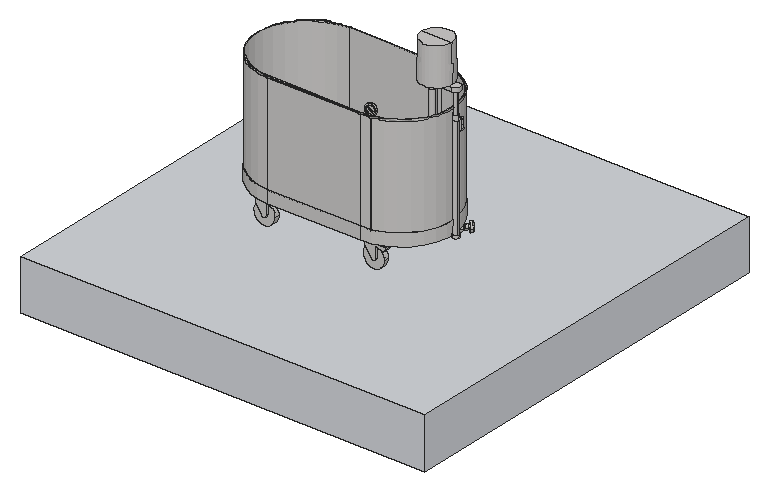
Revit family
Parameters (values of type "S-90-M")
  Waste Connection = yes
  WFU = 4
  Voltage = 115
  Vent Connection = no
  URL = "http://www.whitehallmfg.com/"
  Type Comments = ""
  Tempered Water Connection = yes
  Creation Date = "09/16/2015"  # constant formula
  Phone# = "626-336-4561"
  Model = "S-90-M"
  Material = Stainless-Whitehall-Type 304-Steel
  Manufacturer = "Whitehall Manufacturing"
  Hertz = 60
  HWFU = 3
  HW Connection = yes
  Designed By = "Allied Technical Services"  # constant formula
  Description = "S Series 90 Gallon Mobile Whirlpool S-90-M"
  Default Elevation = 33"
  CWFU = 2
  CW Connection = yes
  Assembly Code = "D2010510"
  Amperage = 8
  -WLS - Water Level Sensor = no
  -TTS2 - Tank Top Seat = no
  -SDP - Seperate Drain Pump = no
  -S Sports Series = yes
  -RHG - Rubber Hand Grips = no
  -PHS2 - Patient Handling System (Chair Type) = no
  -PCS - Pump Cover Strainer = no
  -M Mobile Whirlpool = yes
  -GFI - Ground Fault Interrupter = no
  -EG Enviro Glaze Color Powder Coating (Specify Color) = no
  -CTS2 Combination Table with Side Seats = no
  -AS2 Adjustable Suspension Seat = no
  -ARS Arm Rest Support = no
  -AHC2 Adjustable High Chair with Rubber Tips = no
  -AHC1 Adjustable High Chair with Casters = no
  -ADH Auxiliary Drain Hose Assembly = no
  -90 Gallon Capacity = yes
  -60 Hz Turbine Assembly = no
  -50 Hz Turbine Assembly = no
Reference planes (in)
  plane 1 "Center (Front/Back)": y = 14
  plane 2: z = 0
  plane 3 "Center (Left/Right)": x = 22
  plane 4: x = 16
  plane 5: z = 31
  plane 6: x = -30
  plane 7: y = 12
  plane 8: y = -12
  plane 9: x = 16
  plane 10: z = 52.25
  plane 11: y = 0
  plane 12: x = 17
  plane 13: y = -7
  plane 14: z = 33
  plane 15: z = 8
  plane 16: x = -20
  plane 17: x = 6
  plane 18: x = 8
  plane 19: y = 0
  plane 20: y = 10
Forms (in)
  Extrusion 1, solid
    sketch origin (0, 0, 0) x (1, 0, 0) y (0, 1, 0)
      loop
        line (-48, 48) -> (-48, -48) -> (48, -48) -> (48, 48) -> (-48, 48)
    from 0 to -12
  Sweep 2, solid, material "Stainless-Whitehall-Type 304-Steel" <- "Material"
    path origin (0, 0, 0) x (1, 0, 0) y (0, 1, 0)
      loop
        line (4.0102946, 12) -> (-18, 12)
        arc (-18, 12) -> (-30, 0) -> (-18, -12) r 12
        line (-18, -12) -> (4.0102946, -12)
        arc (4.0102946, -12) -> (16.0102946, 0) -> (4.0102946, 12) r 12
    profile origin (16.0102946, 0, 0) x (1, 0, 0) y (0, 0, 1)
      loop
        line (0.1, 6) -> (0.1, 9) -> (-0.0102946, 9) -> (-0.0102946, 32.75)
        arc (-0.0102946, 32.75) -> (0.1147054, 32.875) -> (-0.0102946, 33) r 0.125
        line (-0.0102946, 33) -> (-0.1205892, 33) -> (-0.1205892, 6) -> (0.1, 6)
  Extrusion 3, solid, material "Stainless-Whitehall-Type 304-Steel" <- "Material"
    sketch origin (10, -70.8466242, 7.5385915) x (0, 1, 0) y (-1, 0, 0)
      loop
        circle (70.845525, 0) r 1.25
    from 0.2278129 to 0.2607941
  Revolve 4, solid, material "Stainless-Whitehall-Type 304-Steel" <- "Material"
    sketch origin (-19.4069762, 0, 7) x (-1, 0, 0) y (0, 0, 1)
      loop
        line (-30.9536457, 8.9711935) -> (-30.9536457, 31.109375) -> (-31.8286457, 31.109375) -> (-31.8286457, 28.9711935) -> (-31.6411457, 28.9711935) -> (-31.6411457, 8.9711935) -> (-30.9536457, 8.9711935)
      axis (-30.9536457, 8.9711935) -> (-30.9536457, 31.109375)
    angle from 0 to 360
  Revolve 5, solid, material "Stainless-Whitehall-Type 304-Steel" <- "Material"
    sketch origin (-18.5163512, 0, 7) x (-1, 0, 0) y (0, 0, 1)
      loop
        line (-30.9536457, 31.109375) -> (-27.2036457, 31.109375) -> (-27.3806457, 39.859375) -> (-30.9536457, 39.859375) -> (-30.9536457, 31.109375)
      axis (-30.9536457, 31.109375) -> (-30.9536457, 39.859375)
    angle from 0 to 360
  Blend 6, solid, material "Stainless-Whitehall-Type 304-Steel" <- "Material"
    base sketch origin (-19.7663512, 0, 7) x (-1, 0, 0) y (0, -1, 0)
      loop
        circle (-30.9536457, 0) r 0.875
    top sketch origin (-19.7663512, 0, 7) x (-1, 0, 0) y (0, -1, 0)
      loop
        circle (-32.2036457, 0) r 3.573
    from 29.8138137 to 31.109375
  Extrusion 7, solid, material "Stainless-Whitehall-Type 304-Steel" <- "Material"
    sketch origin (-19.7663512, 0, 7) x (-1, 0, 0) y (0, -1, 0)
      loop
        line (-36.6500311, -1.11632) -> (-33.2280323, -1.11632)
        arc (-33.2280323, -1.11632) -> (-32.1117123, 0) -> (-33.2280323, 1.11632) r 1.11632
        line (-33.2280323, 1.11632) -> (-36.6500311, 1.11632)
        arc (-36.6500311, 1.11632) -> (-37.7663512, 0) -> (-36.6500311, -1.11632) r 1.11632
    from 31.109375 to 30.2822276
  Extrusion 8, solid, material "Stainless-Whitehall-Type 304-Steel" <- "Material"
    sketch origin (0, 0, 2) x (1, 0, 0) y (0, 1, 0)
      loop
        line (-18, -11.875) -> (4.0102946, -11.875)
        arc (4.0102946, -11.875) -> (15.8852946, 0) -> (4.0102946, 11.875) r 11.875
        line (4.0102946, 11.875) -> (-18, 11.875)
        arc (-18, 11.875) -> (-29.875, 0) -> (-18, -11.875) r 11.875
      loop
        circle (9.9997946, 0) r 0.75
    from 4.75 to 6
  Extrusion 9, void
    sketch origin (-0.75, 0, 3.2993857) x (1, 0, 0) y (0, 1, 0)
      loop
        circle (10.75, 0) r 0.1054415
      loop
        circle (10.625, 0.2165064) r 0.1054415
      loop
        circle (10.875, 0.2165064) r 0.1054415
      loop
        circle (10.875, -0.2165064) r 0.1054415
      loop
        circle (11, 0) r 0.1054415
      loop
        circle (10.625, -0.2165064) r 0.1054415
      loop
        circle (10.5, 0) r 0.1054415
      loop
        circle (10.75, 0.4609303) r 0.1054415
      loop
        circle (11, 0.4330127) r 0.1054415
      loop
        circle (11.125, 0.2165064) r 0.1054415
      loop
        circle (10.5, 0.4330127) r 0.1054415
      loop
        circle (10.375, 0.2165064) r 0.1054415
      loop
        circle (10.75, -0.4609303) r 0.1054415
      loop
        circle (11, -0.4330127) r 0.1054415
      loop
        circle (11.125, -0.2165064) r 0.1054415
      loop
        circle (10.5, -0.4330127) r 0.1054415
      loop
        circle (10.375, -0.2165064) r 0.1054415
      loop
        circle (10.25, 0) r 0.1054415
      loop
        circle (11.25, 0) r 0.1054415
    from 4.4670187 to 4.5
  Extrusion 10, solid, material "Stainless-Whitehall-Type 304-Steel" <- "Material"
    sketch origin (-60.7031774, 41.4868064, 13.496087) x (1, 0, 0) y (0, 0, -1)
      loop
        circle (40.7031774, 10.996087) r 2.5
    from -31.9868064 to -30.9868064
  Extrusion 11, solid, material "Stainless-Whitehall-Type 304-Steel" <- "Material"
    sketch origin (20.7033983, 9.7747044, 13.496087) x (-1, 0, 0) y (0, 0, 1)
      loop
        arc (40.053103, -10.996087) -> (40.4845734, -11.6083034) -> (41.2062295, -11.4078336) r 0.6500744
        line (41.2062295, -11.4078336) -> (42.7352648, -9.2241449) -> (42.7352648, -7.996087) -> (42.4852648, -7.996087) -> (42.4852648, -7.496087) -> (42.7352648, -7.496087) -> (42.7352648, -6.746087) -> (40.053103, -6.746087) -> (40.053103, -7.496087) -> (40.303103, -7.496087) -> (40.303103, -7.996087) -> (40.053103, -7.996087) -> (40.053103, -10.996087)
    from -0.5001024 to 0.9506936
  Extrusion 12, solid, material "Stainless-Whitehall-Type 304-Steel" <- "Material"
    sketch origin (-34.7031774, 41.4868064, 13.496087) x (1, 0, 0) y (0, 0, -1)
      loop
        circle (40.7031774, 10.996087) r 2.5
    from -31.9868064 to -30.9868064
  Revolve 13, solid, material "Stainless-Whitehall-Type 304-Steel" <- "Material"
    sketch origin (60.1142695, -50.1142695, 5.1833) x (-0.707107, 0.707107, 0) y (-0.707107, -0.707107, 0)
      loop
        line (70.8722796, -8.8598887) -> (70.8722796, -1.3809302) -> (70.0408814, -1.3809302) -> (70.0408814, -1.7395214) -> (70.2908814, -1.7395214) -> (70.2908814, -4.7113948) -> (70.0408814, -4.7113948) -> (70.0408814, -5.1036586) -> (70.224645, -5.1036586)
        arc (70.224645, -5.1036586) -> (70.0233886, -5.6628154) -> (70.224645, -6.2219722) r 0.8773893
        line (70.224645, -6.2219722) -> (70.0408814, -6.2219722) -> (70.0408814, -6.6242941) -> (70.224645, -6.6242941) -> (70.224645, -6.965393) -> (70.474645, -6.965393) -> (70.474645, -7.215393) -> (70.2908814, -7.215393) -> (70.2908814, -7.6467103) -> (70.6231895, -7.6467103) -> (70.6231895, -8.7237695)
        arc (70.6231895, -8.7237695) -> (70.2571643, -8.6663768) -> (69.901943, -8.5610854) r 2.7955759
        line (69.901943, -8.5610854) -> (69.901943, -8.1467103) -> (69.776943, -8.1467103) -> (69.776943, -8.6467103)
        arc (69.776943, -8.6467103) -> (70.3143354, -8.8060988) -> (70.8722796, -8.8598887) r 2.9205759
      axis (70.8722796, -1.3809302) -> (70.8722796, -8.8598887)
    angle from 0 to 360
  Extrusion 14, solid, material "Stainless-Whitehall-Type 304-Steel" <- "Material"
    sketch origin (60.1142695, -50.1142695, 5.1833) x (-0.707107, 0.707107, 0) y (0, 0, 1)
      loop
        line (72.9499706, 1.5667) -> (71.6160808, 1.5667) -> (71.3854535, -0.0989925)
        arc (71.3854535, -0.0989925) -> (70.8722796, -0.5460092) -> (70.3591057, -0.0989925) r 0.5180694
        line (70.3591057, -0.0989925) -> (70.1161562, 1.5667) -> (68.7945887, 1.5667) -> (68.7945887, 1.3167) -> (70.0370774, 1.3167) -> (70.2363685, -0.1226688)
        arc (70.2363685, -0.1226688) -> (70.8722796, -0.6765998) -> (71.5081908, -0.1226688) r 0.6419776
        line (71.5081908, -0.1226688) -> (71.7074819, 1.3167) -> (72.9499706, 1.3167) -> (72.9499706, 1.5667)
    from 2.5755089 to 3.5755089
  Revolve 15, solid, material "Stainless-Whitehall-Type 304-Steel" <- "Material"
    sketch origin (9.989376, 0.0131744, 5.1833) x (-0.707107, -0.707107, 0) y (0, 0, 1)
      loop
        line (-6.0378154, 0) -> (-6.1628154, 0) -> (-6.1628154, -1.1875) -> (-6.0846904, -1.1875) -> (-6.0846904, -1.4375) -> (-6.0378154, -1.4375) -> (-6.0378154, 0)
      axis (-5.6628154, 0) -> (-5.6628154, -1.4375)
    angle from 0 to 360
  Sweep 16, solid, material "Stainless-Whitehall-Type 304-Steel" <- "Material"
    path origin (60.1142695, -50.1142695, 5.1833) x (-0.707107, -0.707107, 0) y (0, 0, 1)
      loop
        line (0, 1.5694537) -> (0, 0.8397244)
        arc (0, 0.8397244) -> (-0.2459496, 0.2459496) -> (-0.8397244, 0) r 0.8397244
        line (-0.8397244, 0) -> (-1.3809302, 0)
    profile origin (61.0907346, -49.1378044, 5.1833) x (0, 0, -1) y (-0.707107, 0.707107, 0)
      loop
        circle (0, 70.8722796) r 0.8320313
  Revolve 17, void
    sketch origin (-0.748959, 0.0122673, 2) x (1, 0, 0) y (0, 0, 1)
      loop
        line (10.75, 4.8755507) -> (11.65625, 4.8755507) -> (11.65625, 5.6251113) -> (12.6862483, 6) -> (10.75, 6) -> (10.75, 4.8755507)
      axis (10.75, 6) -> (10.75, 4.8755507)
    angle from 0 to 360
  Extrusion 18, solid, material "Stainless-Whitehall-Type 304-Steel" <- "Material"
    sketch origin (2.1493027, -22.9343778, 1.9419612) x (1, 0, 0) y (0, 1, 0)
      loop
        circle (3.8506973, 11.4616312) r 0.0625
    from 6.3649998 to 31.1085092
  Extrusion 19, solid, material "Stainless-Whitehall-Type 304-Steel" <- "Material"
    sketch origin (1.0737277, 0.6355033, 2.25) x (0.996195, 0.087156, 0) y (0, 0, 1)
      loop
        circle (3.8510768, 32) r 1.25
      loop
        circle (3.8510768, 32) r 1
    from 12.3353814 to 12.6825799
  Extrusion 20, solid, material "Stainless-Whitehall-Type 304-Steel" <- "Material"
    sketch origin (1.0737277, 0.6355033, 2.1919612) x (0.996195, 0.087156, 0) y (0, 0, 1)
      loop
        circle (3.8510768, 32.0580388) r 1
    from 12.3353814 to 12.6126371
  Extrusion 21, solid, material "Stainless-Whitehall-Type 304-Steel" <- "Material"
    sketch origin (-6.4862061, 16.6811699, 59.5386958) x (-0.996195, -0.087156, 0) y (0, 0, -1)
      loop
        line (-10.3703162, 25.6696282) -> (-10.4419433, 25.5673341) -> (-10.0882444, 25.3512348)
        arc (-10.0882444, 25.3512348) -> (-10.0525608, 25.2565114) -> (-9.9515871, 25.2494308) r 0.09375
        line (-9.9515871, 25.2494308) -> (-9.3825893, 24.9017904) -> (-9.9038731, 25.3175734)
        arc (-9.9038731, 25.3175734) -> (-9.9450617, 25.410036) -> (-10.0462771, 25.4111703) r 0.09375
        line (-10.0462771, 25.4111703) -> (-10.3703162, 25.6696282)
    from 29.1187674 to 29.3260795
  Extrusion 22, solid, material "Stainless-Whitehall-Type 304-Steel" <- "Material"
    sketch origin (-60.7031774, -41.4868064, 13.496087) x (1, 0, 0) y (0, 0, 1)
      loop
        circle (40.7031774, -10.996087) r 2.5
    from -31.9868064 to -30.9868064
  Extrusion 23, solid, material "Stainless-Whitehall-Type 304-Steel" <- "Material"
    sketch origin (20.7033983, -9.7747044, 13.496087) x (-1, 0, 0) y (0, 0, -1)
      loop
        line (40.053103, 10.996087) -> (40.053103, 7.996087) -> (40.303103, 7.996087) -> (40.303103, 7.496087) -> (40.053103, 7.496087) -> (40.053103, 6.746087) -> (42.7352648, 6.746087) -> (42.7352648, 7.496087) -> (42.4852648, 7.496087) -> (42.4852648, 7.996087) -> (42.7352648, 7.996087) -> (42.7352648, 9.2241449) -> (41.2062295, 11.4078336)
        arc (41.2062295, 11.4078336) -> (40.4845734, 11.6083034) -> (40.053103, 10.996087) r 0.6500744
    from -0.5001024 to 0.9506936
  Extrusion 24, solid, material "Stainless-Whitehall-Type 304-Steel" <- "Material"
    sketch origin (-34.7031774, -41.4868064, 13.496087) x (1, 0, 0) y (0, 0, 1)
      loop
        circle (40.7031774, -10.996087) r 2.5
    from -31.9868064 to -30.9868064
  Extrusion 25, solid, material "Stainless-Whitehall-Type 304-Steel" <- "Material"
    sketch origin (46.7033983, -9.7747044, 13.496087) x (-1, 0, 0) y (0, 0, -1)
      loop
        line (40.053103, 10.996087) -> (40.053103, 8.5821449) -> (38.7033983, 8.9437972) -> (38.2508133, 8.9437972) -> (37.803103, 8.496087) -> (37.803103, 7.996087) -> (40.303103, 7.996087) -> (40.303103, 7.496087) -> (40.053103, 7.496087) -> (40.053103, 6.746087) -> (42.7352648, 6.746087) -> (42.7352648, 7.496087) -> (42.4852648, 7.496087) -> (42.4852648, 7.996087) -> (42.7352648, 7.996087) -> (42.7352648, 9.2241449) -> (41.2062295, 11.4078336)
        arc (41.2062295, 11.4078336) -> (40.4845734, 11.6083034) -> (40.053103, 10.996087) r 0.6500744
    from -0.5001024 to 0.9506936
  Extrusion 26, solid, material "Stainless-Whitehall-Type 304-Steel" <- "Material"
    sketch origin (46.7033983, 9.7747044, 13.496087) x (-1, 0, 0) y (0, 0, 1)
      loop
        arc (40.053103, -10.996087) -> (40.4845734, -11.6083034) -> (41.2062295, -11.4078336) r 0.6500744
        line (41.2062295, -11.4078336) -> (42.7352648, -9.2241449) -> (42.7352648, -7.996087) -> (42.4852648, -7.996087) -> (42.4852648, -7.496087) -> (42.7352648, -7.496087) -> (42.7352648, -6.746087) -> (40.053103, -6.746087) -> (40.053103, -7.496087) -> (40.303103, -7.496087) -> (40.303103, -7.996087) -> (37.803103, -7.996087) -> (37.803103, -8.496087) -> (38.2508133, -8.9437972) -> (38.7033983, -8.9437972) -> (40.053103, -8.5821449) -> (40.053103, -10.996087)
    from -0.5001024 to 0.9506936
  Revolve 27, solid, material "Stainless-Whitehall-Type 304-Steel" <- "Material"
    sketch origin (0, 0, 0) x (1, 0, 0) y (0, 0, 1)
      loop
        line (17, 37.2822276) -> (17, 6.0069237) -> (17.75, 6.0069237) -> (17.75, 6.5069237) -> (17.5, 6.5069237) -> (17.5, 31) -> (17.625, 31) -> (17.625, 32) -> (17.375, 32) -> (17.375, 37.2822276) -> (17, 37.2822276)
      axis (17, 37.2822276) -> (17, 6.0069237)
    angle from 0 to 360
  Extrusion 28, solid, material "Stainless-Whitehall-Type 304-Steel" <- "Material"
    sketch origin (0, 23.8554995, 0) x (1, 0, 0) y (0, 0, 1)
      loop
        line (17, 31.75) -> (17, 31.2595731) -> (17.875, 31.2595731)
        arc (17.875, 31.2595731) -> (18.0517767, 31.1863498) -> (18.125, 31.0095731) r 0.25
        line (18.125, 31.0095731) -> (18.125, 30.3331609)
        arc (18.125, 30.3331609) -> (18.1027331, 29.9099894) -> (18.0361785, 29.4914915) r 4.0322249
        arc (18.0361785, 29.4914915) -> (18.3125, 29.1499688) -> (18.5888215, 29.4914915) r 0.2825454
        arc (18.5888215, 29.4914915) -> (18.5222669, 29.9099894) -> (18.5, 30.3331609) r 4.0322249
        line (18.5, 30.3331609) -> (18.5, 31.5)
        arc (18.5, 31.5) -> (18.4267767, 31.6767767) -> (18.25, 31.75) r 0.25
        line (18.25, 31.75) -> (17, 31.75)
    from 23.6054995 to 24.1054995
Cuts and joins
  Revolve 17 cuts Sweep 2
  Revolve 17 cuts Revolve 4
  Revolve 17 cuts Revolve 5
  Revolve 17 cuts Blend 6
  Revolve 17 cuts Extrusion 7
  joined: Sweep 2, Revolve 4, Revolve 5, Blend 6, Extrusion 7, Extrusion 18, Extrusion 19, Extrusion 20, Extrusion 21, Revolve 27, Extrusion 28
  Extrusion 9 cuts Extrusion 3
  Revolve 17 cuts Extrusion 8
  Revolve 17 cuts Extrusion 10
  Revolve 17 cuts Extrusion 11
  Revolve 17 cuts Extrusion 12
  joined: Extrusion 3, Extrusion 8, Extrusion 10, Extrusion 11, Extrusion 12, Extrusion 22, Extrusion 23, Extrusion 24, Extrusion 25, Extrusion 26
  Revolve 17 cuts Revolve 13
  Revolve 17 cuts Extrusion 14
  joined: Revolve 13, Extrusion 14, Revolve 15
  Revolve 17 cuts Sweep 16
Dimensions and locks (in)
  locked: plane 6 to plane 4 at 46
  locked: plane 8 to plane 7 at 24
  locked: plane 11 to plane 7 at 12
  plane 6 to plane 4 = 46"
  "Default Elevation": plane 14 to Extrusion 1
  locked: plane 14 to plane 15 at 25
  aligned and locked: plane 2 to Extrusion 1
  aligned and locked: level to Extrusion 1
Automatic sketch dimensions
  Extrusion 1 sketch curve to Extrusion 1 sketch curve = 96"  (x2)
  plane 8 to Sweep 2 sketch curve = 0"
  plane 11 to Sweep 2 sketch curve = 0"
  plane 16 to Sweep 2 sketch curve = 2"
  plane 17 to Sweep 2 sketch curve = 1.98971"
  profile plane to Sweep 2 sketch curve = 0.12059"
  profile plane to Sweep 2 sketch curve = 0.01029"
  Sweep 2 sketch curve to profile plane = 0.1"
  level to Sweep 2 sketch curve = 6"
  Sweep 2 sketch curve to Sweep 2 sketch curve = 3"
  Sweep 2 sketch curve to Sweep 2 sketch curve = 23 3/4"
  Sweep 2 sketch curve to Sweep 2 sketch curve = 1/8"
  plane 11 to Extrusion 3 sketch curve = 0.0011"
  Extrusion 3 sketch curve to plane 18 = 2"
  plane 4 to Revolve 4 sketch curve = 3.57833"
  plane 4 to Revolve 4 sketch curve = 3.76583"
  Revolve 4 sketch curve to Revolve 4 sketch curve = 7/8"
  Revolve 4 sketch curve to Revolve 4 sketch curve = 0"  (x3)
  Revolve 4 sketch curve to plane 15 = 7.97119"
  plane 14 to Revolve 4 sketch curve = 2.97119"
  Revolve 4 sketch curve to Revolve 4 sketch curve = 2.13818"
  plane 4 to Revolve 5 sketch curve = 3.56271"
  Revolve 5 sketch curve to Revolve 5 sketch curve = 0"  (x3)
  Revolve 5 sketch curve to plane 18 = 0.86429"
  Revolve 5 sketch curve to plane 18 = 0.68729"
  plane 14 to Revolve 5 sketch curve = 5 7/64"
  Revolve 5 sketch curve to plane 10 = 5 25/64"
  Blend 6 sketch curve to Blend 6 sketch curve = 0"  (x4)
  plane 11 to Blend 6 sketch curve = 0"  (x2)
  plane 4 to Blend 6 sketch curve = 3.93771"
  Blend 6 sketch curve to Blend 6 sketch curve = 7/8"
  Blend 6 sketch curve to plane 4 = 0.01029"
  plane 4 to Blend 6 sketch curve = 3.56271"
  plane 11 to Extrusion 7 sketch curve = 0"
  plane 12 to Extrusion 7 sketch curve = 0.11632"
  plane 4 to Extrusion 7 sketch curve = 2.53832"
  Extrusion 7 sketch curve to plane 11 = 1.11632"
  plane 11 to Extrusion 8 sketch curve = 0"  (x2)
  Extrusion 8 sketch curve to plane 8 = 1/8"
  plane 16 to Extrusion 8 sketch curve = 2"
  plane 17 to Extrusion 8 sketch curve = 1.98971"
  Extrusion 8 sketch curve to plane 18 = 1.99979"
  plane 11 to Extrusion 9 sketch curve = 0"  (x5)
  Extrusion 9 sketch curve to plane 18 = 1 1/2"
  Extrusion 9 sketch curve to Extrusion 9 sketch curve = 1/8"  (x14)
  Extrusion 9 sketch curve to Extrusion 9 sketch curve = 1/4"  (x4)
  plane 11 to Extrusion 9 sketch curve = 0.21651"  (x4)
  Extrusion 9 sketch curve to Extrusion 9 sketch curve = 0.21651"  (x4)
  Extrusion 9 sketch curve to Extrusion 9 sketch curve = 0.02792"  (x2)
  Extrusion 9 sketch curve to plane 11 = 0.21651"  (x4)
  Extrusion 10 sketch curve to plane 16 = 0"
  level to Extrusion 10 sketch curve = 2 1/2"
  plane 16 to Extrusion 11 sketch curve = 0.6503"  (x2)
  Extrusion 11 sketch curve to Extrusion 11 sketch curve = 1/4"  (x3)
  plane 16 to Extrusion 11 sketch curve = 0.00022"
  Extrusion 11 sketch curve to plane 16 = 0.50283"
  Extrusion 11 sketch curve to plane 16 = 1.78187"
  level to Extrusion 11 sketch curve = 2.08825"
  Extrusion 11 sketch curve to Extrusion 11 sketch curve = 2.18369"
  plane 15 to Extrusion 11 sketch curve = 2 1/2"
  Extrusion 11 sketch curve to Extrusion 11 sketch curve = 1.22806"
  Extrusion 11 sketch curve to Extrusion 11 sketch curve = 1/2"  (x2)
  Extrusion 11 sketch curve to Extrusion 11 sketch curve = 3/4"
  plane 17 to Extrusion 12 sketch curve = 0"
  level to Extrusion 12 sketch curve = 2 1/2"
  Revolve 13 sketch curve to Revolve 13 sketch curve = 0"  (x4)
  plane 12 to Revolve 13 sketch curve = 0.11133"
  plane 20 to Revolve 13 sketch curve = 4.66037"
  Revolve 13 sketch curve to Revolve 13 sketch curve = 1/8"
  Revolve 13 sketch curve to Revolve 13 sketch curve = 0.13894"
  Revolve 13 sketch curve to Revolve 13 sketch curve = 0.18376"  (x3)
  Revolve 13 sketch curve to Revolve 13 sketch curve = 1/4"  (x4)
  Revolve 13 sketch curve to Revolve 13 sketch curve = 0.38894"
  Revolve 13 sketch curve to Revolve 13 sketch curve = 0.72125"
  Revolve 13 sketch curve to Revolve 13 sketch curve = 0.64763"
  Revolve 13 sketch curve to Revolve 13 sketch curve = 0.5814"
  Revolve 13 sketch curve to Revolve 13 sketch curve = 0.0285"
  Revolve 13 sketch curve to Revolve 13 sketch curve = 0.07706"
  Revolve 13 sketch curve to Revolve 13 sketch curve = 0.13612"
  Revolve 13 sketch curve to Revolve 13 sketch curve = 0.41438"
  Revolve 13 sketch curve to Revolve 13 sketch curve = 1/2"
  Revolve 13 sketch curve to Revolve 13 sketch curve = 0.43132"
  Revolve 13 sketch curve to Revolve 13 sketch curve = 0.3411"
  Revolve 13 sketch curve to Revolve 13 sketch curve = 0.40232"
  Revolve 13 sketch curve to Revolve 13 sketch curve = 0.2765"
  Revolve 13 sketch curve to Revolve 13 sketch curve = 0.39226"
  Revolve 13 sketch curve to Revolve 13 sketch curve = 1.58046"
  Revolve 13 sketch curve to Revolve 13 sketch curve = 1.14141"
  Revolve 13 sketch curve to Revolve 13 sketch curve = 0.35859"
  plane 15 to Extrusion 14 sketch curve = 1 1/4"  (x2)
  plane 15 to Extrusion 14 sketch curve = 1 1/2"  (x2)
  Extrusion 14 sketch curve to Extrusion 14 sketch curve = 1.24249"  (x2)
  Extrusion 14 sketch curve to Extrusion 14 sketch curve = 0.07908"
  Extrusion 14 sketch curve to Extrusion 14 sketch curve = 0.19929"
  plane 15 to Extrusion 14 sketch curve = 2.91569"  (x2)
  Extrusion 14 sketch curve to Extrusion 14 sketch curve = 0.12274"  (x2)
  Extrusion 14 sketch curve to Extrusion 14 sketch curve = 0.51317"
  Extrusion 14 sketch curve to Extrusion 14 sketch curve = 0"
  plane 15 to Extrusion 14 sketch curve = 2.93937"
  Extrusion 14 sketch curve to Extrusion 14 sketch curve = 1.49992"
  Extrusion 14 sketch curve to Extrusion 14 sketch curve = 0.0914"
  Extrusion 14 sketch curve to Extrusion 14 sketch curve = 0.06437"
  Extrusion 14 sketch curve to Extrusion 14 sketch curve = 0.00668"
  plane 15 to Revolve 15 sketch curve = 2.8167"
  Revolve 15 sketch curve to Revolve 15 sketch curve = 5/64"
  Revolve 15 sketch curve to Revolve 15 sketch curve = 1/8"
  Revolve 15 sketch curve to Revolve 15 sketch curve = 3/8"
  Revolve 15 sketch curve to Revolve 15 sketch curve = 1"
  Revolve 15 sketch curve to Revolve 15 sketch curve = 3/16"
  Revolve 15 sketch curve to Revolve 15 sketch curve = 1/4"  (x2)
  plane 15 to Sweep 16 sketch curve = 2.8167"
  Sweep 16 sketch curve to Sweep 16 sketch curve = 0.54121"
  Sweep 16 sketch curve to Sweep 16 sketch curve = 0.83972"
  Sweep 16 sketch curve to Sweep 16 sketch curve = 0.72973"
  profile plane to Sweep 16 sketch curve = 0"
  profile plane to Sweep 16 sketch curve = 70.87228"
  Revolve 17 sketch curve to plane 15 = 0"
  Revolve 17 sketch curve to plane 18 = 2.00104"
  Revolve 17 sketch curve to Revolve 17 sketch curve = 0"
  plane 15 to Revolve 17 sketch curve = 0.37489"
  Revolve 17 sketch curve to Revolve 17 sketch curve = 29/32"
  Revolve 17 sketch curve to Revolve 17 sketch curve = 1.03"
  plane 15 to Revolve 17 sketch curve = 1/2"
  Revolve 17 sketch curve to Revolve 17 sketch curve = 0.74956"
  plane 15 to Revolve 17 sketch curve = 1/4"
  Extrusion 18 sketch curve to plane 17 = 0"
  Extrusion 18 sketch curve to plane 8 = 0.52725"
  Extrusion 19 sketch curve to Extrusion 19 sketch curve = 0"  (x2)
  plane 14 to Extrusion 19 sketch curve = 1 1/4"
  plane 14 to Extrusion 20 sketch curve = 1 1/4"
  Extrusion 21 sketch curve to Extrusion 21 sketch curve = 0"  (x2)
  plane 14 to Extrusion 21 sketch curve = 0.97136"
  plane 14 to Extrusion 21 sketch curve = 0.86907"
  Extrusion 21 sketch curve to Extrusion 21 sketch curve = 0.07163"
  Extrusion 21 sketch curve to Extrusion 21 sketch curve = 0.3537"
  Extrusion 21 sketch curve to Extrusion 21 sketch curve = 0.04197"
  Extrusion 21 sketch curve to Extrusion 21 sketch curve = 0.04972"
  plane 14 to Extrusion 21 sketch curve = 1.28927"
  Extrusion 21 sketch curve to Extrusion 21 sketch curve = 0.04497"
  plane 14 to Extrusion 21 sketch curve = 1.22112"
  Extrusion 21 sketch curve to Extrusion 21 sketch curve = 0.04771"
  plane 14 to Extrusion 21 sketch curve = 1.63691"
  Extrusion 21 sketch curve to Extrusion 21 sketch curve = 0.52128"
  Extrusion 21 sketch curve to Extrusion 21 sketch curve = 0.01412"
  Extrusion 22 sketch curve to plane 16 = 0"
  level to Extrusion 22 sketch curve = 2 1/2"
  plane 16 to Extrusion 23 sketch curve = 0.6503"  (x2)
  Extrusion 23 sketch curve to Extrusion 23 sketch curve = 1/4"  (x3)
  plane 16 to Extrusion 23 sketch curve = 0.00022"
  Extrusion 23 sketch curve to plane 16 = 0.50283"
  Extrusion 23 sketch curve to plane 16 = 1.78187"
  plane 15 to Extrusion 23 sketch curve = 1 1/4"
  Extrusion 23 sketch curve to Extrusion 23 sketch curve = 3/4"  (x2)
  Extrusion 23 sketch curve to Extrusion 23 sketch curve = 1/2"  (x2)
  Extrusion 23 sketch curve to Extrusion 23 sketch curve = 1.22806"
  level to Extrusion 23 sketch curve = 2 1/2"
  plane 17 to Extrusion 24 sketch curve = 0"
  level to Extrusion 24 sketch curve = 2 1/2"
  plane 18 to Extrusion 25 sketch curve = 0"
  Extrusion 25 sketch curve to plane 18 = 0.45258"
  Extrusion 25 sketch curve to plane 18 = 0.9003"
  Extrusion 25 sketch curve to plane 17 = 0.6503"  (x2)
  Extrusion 25 sketch curve to plane 17 = 0.4003"
  Extrusion 25 sketch curve to plane 17 = 0.00022"
  plane 17 to Extrusion 25 sketch curve = 0.50283"
  plane 17 to Extrusion 25 sketch curve = 1.78187"
  Extrusion 25 sketch curve to Extrusion 25 sketch curve = 1/4"  (x2)
  plane 15 to Extrusion 25 sketch curve = 1 1/4"
  Extrusion 25 sketch curve to Extrusion 25 sketch curve = 3/4"  (x2)
  Extrusion 25 sketch curve to Extrusion 25 sketch curve = 1/2"  (x3)
  Extrusion 25 sketch curve to Extrusion 25 sketch curve = 0.58606"
  Extrusion 25 sketch curve to Extrusion 25 sketch curve = 0.44771"
  Extrusion 25 sketch curve to Extrusion 25 sketch curve = 1.22806"
  Extrusion 25 sketch curve to Extrusion 25 sketch curve = 2.41394"
  plane 18 to Extrusion 26 sketch curve = 0"
  Extrusion 26 sketch curve to Extrusion 26 sketch curve = 0.45258"
  Extrusion 26 sketch curve to plane 18 = 0.9003"
  Extrusion 26 sketch curve to plane 17 = 0.6503"  (x2)
  Extrusion 26 sketch curve to plane 17 = 0.4003"
  Extrusion 26 sketch curve to plane 17 = 0.00022"
  plane 17 to Extrusion 26 sketch curve = 0.50283"
  plane 17 to Extrusion 26 sketch curve = 1.78187"
  Extrusion 26 sketch curve to Extrusion 26 sketch curve = 1/4"  (x2)
  level to Extrusion 26 sketch curve = 2.08825"
  Extrusion 26 sketch curve to Extrusion 26 sketch curve = 2.18369"
  Extrusion 26 sketch curve to Extrusion 26 sketch curve = 2.05229"
  Extrusion 26 sketch curve to Extrusion 26 sketch curve = 0.36165"
  Extrusion 26 sketch curve to Extrusion 26 sketch curve = 0.44771"
  Extrusion 26 sketch curve to Extrusion 26 sketch curve = 1.22806"
  Extrusion 26 sketch curve to Extrusion 26 sketch curve = 1/2"  (x3)
  Extrusion 26 sketch curve to Extrusion 26 sketch curve = 3/4"
  plane 12 to Revolve 27 sketch curve = 0"  (x2)
  Revolve 27 sketch curve to plane 5 = 0"
  Revolve 27 sketch curve to Revolve 27 sketch curve = 3/8"
  Revolve 27 sketch curve to plane 12 = 1/2"
  Revolve 27 sketch curve to Revolve 27 sketch curve = 1/4"  (x3)
  plane 15 to Revolve 27 sketch curve = 1.49308"
  Revolve 27 sketch curve to Revolve 27 sketch curve = 1/2"
  Revolve 27 sketch curve to plane 5 = 1"
  plane 14 to Revolve 27 sketch curve = 2.28223"
  Revolve 27 sketch curve to Revolve 27 sketch curve = 1 3/4"
  plane 12 to Extrusion 28 sketch curve = 0"
  plane 4 to Extrusion 28 sketch curve = 1.90722"
  Extrusion 28 sketch curve to plane 5 = 0.25957"
  Extrusion 28 sketch curve to Extrusion 28 sketch curve = 7/8"
  Extrusion 28 sketch curve to plane 12 = 1.03618"
  Extrusion 28 sketch curve to Extrusion 28 sketch curve = 0"  (x2)
  plane 5 to Extrusion 28 sketch curve = 0.66684"
  Extrusion 28 sketch curve to Extrusion 28 sketch curve = 1/4"  (x2)
  Extrusion 28 sketch curve to Extrusion 28 sketch curve = 3/8"
  Extrusion 28 sketch curve to Extrusion 28 sketch curve = 0.27632"  (x2)
  Extrusion 28 sketch curve to Extrusion 28 sketch curve = 0.24043"
  radius of Extrusion 3 sketch curve = 1 1/4"
  radius of Extrusion 8 sketch curve = 3/4"
  radius of Extrusion 9 sketch curve = 0.10544"  (x19)
  radius of Extrusion 10 sketch curve = 2 1/2"
  radius of Extrusion 12 sketch curve = 2 1/2"
  radius of Sweep 16 sketch curve = 213/256"
  radius of Extrusion 18 sketch curve = 1/16"
  radius of Extrusion 19 sketch curve = 1 1/4"
  radius of Extrusion 19 sketch curve = 1"
  radius of Extrusion 20 sketch curve = 1"
  radius of Extrusion 22 sketch curve = 2 1/2"
  radius of Extrusion 24 sketch curve = 2 1/2"
Connectors (in)
  piping at (13.9935912, 4.0173896, 3.7458)
    settings: on cut or joined group of Revolve 13, Extrusion 14, Revolve 15, Revolve 17, index 1
  electrical at (12.3500761, -0.55816, 38.109375)
    settings: on cut or joined group of Sweep 2, Revolve 4, Revolve 5, Blend 6, Extrusion 7, Revolve 17, Extrusion 18, Extrusion 19, Extrusion 20, Extrusion 21, Revolve 27, Extrusion 28, index 2
